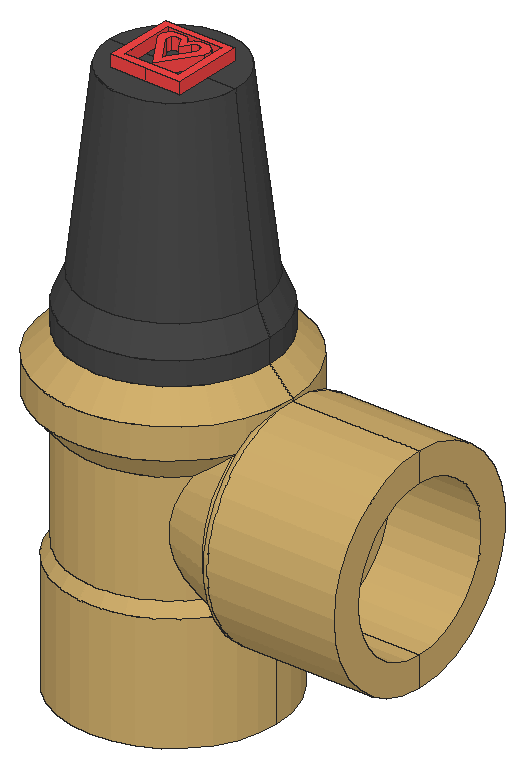
Revit family "Предохранительный клапан с диафрагмой 26xx", category Rohrzubehör, Revit 2018
Family settings
  Bemaßung runder Anschluss = Durchmesser verwenden
  Teiletyp = Normal
  OmniClass-Nummer = 23.65.55.14
  OmniClass-Titel = Valves for Liquid Services
  Arbeitsebenenbasiert = Nein
  Immer vertikal = Ja
  Beim Laden mit Abzugskörper schneiden = Nein
  Gemeinsam genutzt = Nein
Parameters (values of type "PN8")
  Номер заказа [instance] = if(PN1.8, size_lookup("26XX_PN1.8", "Artnr", 0, Nennweite), if(PN2.5, size_lookup("26XX_PN2.5", "Artnr", 0, Nennweite), if(PN3, size_lookup("26XX_PN3", "Artnr", 0, Nennweite), if(PN4, size_lookup("26XX_PN4", "Artnr", 0, Nennweite), if(PN5, size_lookup("26XX_PN5", "Artnr", 0, Nennweite), if(PN6, size_lookup("26XX_PN6", "Artnr", 0, Nennweite), if(PN8, size_lookup("26XX_PN8", "Artnr", 0, Nennweite), size_lookup("26XX_PN10", "Artnr", 0, Nennweite))))))))  # 1268501
  Мин. рабочая температура = 0 °C  # constant formula
  Макс. рабочая температура = 110 °C  # constant formula
  Внутренняя резьба = "в соответствии с ISO 228-1"  # constant formula
  WS01 = 70.00°  # constant formula
  URL = "www.herz-armaturen.ru"
  Табличка = "пластик PA6"  # constant formula
  SCRNSEQ = "AWI;AWI_TYP=\"1015\";2"
  SCRNCODE = "05;21;02"  # constant formula
  S03 = 10.5000 mm  # constant formula
  S02 [instance] = H02 + H05  # 47.5000 mm
  S01 = 8.0000 mm  # constant formula
  R11 = 1.0000 mm  # constant formula
  R10 [instance] = (Nennweite Aus / 2) + 3.8000 mm  # 13.8000 mm
  R09 [instance] = Nennweite Aus / 2  # 10.0000 mm
  R08 [instance] = (Nennweite / 2) + 3.5000 mm  # 11.0000 mm
  R07 [instance] = R08 - 2.8000 mm  # 8.2000 mm
  R06 [instance] = Nennweite / 2  # 7.5000 mm
  R05 [instance] = Nennweite / 2  # 7.5000 mm
  R04 [instance] = if(PN1.8, size_lookup("26XX_PN1.8", "SW", 40.0000 mm, Nennweite), if(PN2.5, size_lookup("26XX_PN2.5", "SW", 40.0000 mm, Nennweite), if(PN3, size_lookup("26XX_PN3", "SW", 40.0000 mm, Nennweite), if(PN4, size_lookup("26XX_PN4", "SW", 40.0000 mm, Nennweite), if(PN5, size_lookup("26XX_PN5", "SW", 40.0000 mm, Nennweite), if(PN6, size_lookup("26XX_PN6", "SW", 40.0000 mm, Nennweite), if(PN8, size_lookup("26XX_PN8", "SW", 40.0000 mm, Nennweite), size_lookup("26XX_PN10", "SW", 269501.0000 mm, Nennweite))))))))  # 13.5000 mm
  R03 [instance] = (Nennweite / 2) + 5.0000 mm  # 12.5000 mm
  R02 [instance] = R04 + 2.0000 mm  # 15.5000 mm
  PN8 = yes
  PN6 = no
  PN5 = no
  PN4 = no
  PN3 = no
  PN2.5 = no
  PN10 = no
  PN1.8 = no
  Nennweite Aus [instance] = if(PN1.8, size_lookup("26XX_PN1.8", "DN1", 40.0000 mm, Nennweite), if(PN2.5, size_lookup("26XX_PN2.5", "DN1", 40.0000 mm, Nennweite), if(PN3, size_lookup("26XX_PN3", "DN1", 40.0000 mm, Nennweite), if(PN4, size_lookup("26XX_PN4", "DN1", 40.0000 mm, Nennweite), if(PN5, size_lookup("26XX_PN5", "DN1", 40.0000 mm, Nennweite), if(PN6, size_lookup("26XX_PN6", "DN1", 40.0000 mm, Nennweite), if(PN8, size_lookup("26XX_PN8", "DN1", 40.0000 mm, Nennweite), size_lookup("26XX_PN10", "DN1", 269501.0000 mm, Nennweite))))))))  # 20.0000 mm
  Nennweite [instance] = 15.0000 mm
  Диафрагма = "VMQ-Silicom 50 Sha"  # constant formula
  L02 [instance] = if(PN1.8, size_lookup("26XX_PN1.8", "L2", 17.5000 mm, Nennweite), if(PN2.5, size_lookup("26XX_PN2.5", "L2", 17.5000 mm, Nennweite), if(PN3, size_lookup("26XX_PN3", "L2", 17.5000 mm, Nennweite), if(PN4, size_lookup("26XX_PN4", "L2", 17.5000 mm, Nennweite), if(PN5, size_lookup("26XX_PN5", "L2", 17.5000 mm, Nennweite), if(PN6, size_lookup("26XX_PN6", "L2", 17.5000 mm, Nennweite), if(PN8, size_lookup("26XX_PN8", "L2", 17.5000 mm, Nennweite), size_lookup("26XX_PN10", "L2", 269501.0000 mm, Nennweite))))))))  # 17.5000 mm
  L01 [instance] = if(PN1.8, size_lookup("26XX_PN1.8", "L1", 12.0000 mm, Nennweite), if(PN2.5, size_lookup("26XX_PN2.5", "L1", 12.0000 mm, Nennweite), if(PN3, size_lookup("26XX_PN3", "L1", 12.0000 mm, Nennweite), if(PN4, size_lookup("26XX_PN4", "L1", 12.0000 mm, Nennweite), if(PN5, size_lookup("26XX_PN5", "L1", 12.0000 mm, Nennweite), if(PN6, size_lookup("26XX_PN6", "L1", 12.0000 mm, Nennweite), if(PN8, size_lookup("26XX_PN8", "L1", 12.0000 mm, Nennweite), size_lookup("26XX_PN10", "L1", 269501.0000 mm, Nennweite))))))))  # 12.0000 mm
  L00 [instance] = if(PN1.8, size_lookup("26XX_PN1.8", "L", 52.0000 mm, Nennweite), if(PN2.5, size_lookup("26XX_PN2.5", "L", 52.0000 mm, Nennweite), if(PN3, size_lookup("26XX_PN3", "L", 52.0000 mm, Nennweite), if(PN4, size_lookup("26XX_PN4", "L", 52.0000 mm, Nennweite), if(PN5, size_lookup("26XX_PN5", "L", 52.0000 mm, Nennweite), if(PN6, size_lookup("26XX_PN6", "L", 52.0000 mm, Nennweite), if(PN8, size_lookup("26XX_PN8", "L", 52.0000 mm, Nennweite), size_lookup("26XX_PN10", "L", 269501.0000 mm, Nennweite))))))))  # 32.0000 mm
  Маховик = "пластик PA6"  # constant formula
  Kappe [instance] = Kunststoff schwarz
  H08 [instance] = if(PN1.8, size_lookup("26XX_PN1.8", "H8", 21.0000 mm, Nennweite), if(PN2.5, size_lookup("26XX_PN2.5", "H8", 21.0000 mm, Nennweite), if(PN3, size_lookup("26XX_PN3", "H8", 21.0000 mm, Nennweite), if(PN4, size_lookup("26XX_PN4", "H8", 21.0000 mm, Nennweite), if(PN5, size_lookup("26XX_PN5", "H8", 21.0000 mm, Nennweite), if(PN6, size_lookup("26XX_PN6", "H8", 21.0000 mm, Nennweite), if(PN8, size_lookup("26XX_PN8", "H8", 21.0000 mm, Nennweite), size_lookup("26XX_PN10", "H8", 269501.0000 mm, Nennweite))))))))  # 6.5000 mm
  H07 [instance] = if(PN1.8, size_lookup("26XX_PN1.8", "H7", 3.0000 mm, Nennweite), if(PN2.5, size_lookup("26XX_PN2.5", "H7", 3.0000 mm, Nennweite), if(PN3, size_lookup("26XX_PN3", "H7", 3.0000 mm, Nennweite), if(PN4, size_lookup("26XX_PN4", "H7", 3.0000 mm, Nennweite), if(PN5, size_lookup("26XX_PN5", "H7", 3.0000 mm, Nennweite), if(PN6, size_lookup("26XX_PN6", "H7", 3.0000 mm, Nennweite), if(PN8, size_lookup("26XX_PN8", "H7", 3.0000 mm, Nennweite), size_lookup("26XX_PN10", "H7", 269501.0000 mm, Nennweite))))))))  # 3.0000 mm
  H06 [instance] = if(PN1.8, size_lookup("26XX_PN1.8", "H6", 15.0000 mm, Nennweite), if(PN2.5, size_lookup("26XX_PN2.5", "H6", 15.0000 mm, Nennweite), if(PN3, size_lookup("26XX_PN3", "H6", 15.0000 mm, Nennweite), if(PN4, size_lookup("26XX_PN4", "H6", 15.0000 mm, Nennweite), if(PN5, size_lookup("26XX_PN5", "H6", 15.0000 mm, Nennweite), if(PN6, size_lookup("26XX_PN6", "H6", 15.0000 mm, Nennweite), if(PN8, size_lookup("26XX_PN8", "H6", 15.0000 mm, Nennweite), size_lookup("26XX_PN10", "H6", 269501.0000 mm, Nennweite))))))))  # 15.0000 mm
  H05 [instance] = if(PN1.8, size_lookup("26XX_PN1.8", "H5", 30.0000 mm, Nennweite), if(PN2.5, size_lookup("26XX_PN2.5", "H5", 30.0000 mm, Nennweite), if(PN3, size_lookup("26XX_PN3", "H5", 30.0000 mm, Nennweite), if(PN4, size_lookup("26XX_PN4", "H5", 30.0000 mm, Nennweite), if(PN5, size_lookup("26XX_PN5", "H5", 30.0000 mm, Nennweite), if(PN6, size_lookup("26XX_PN6", "H5", 30.0000 mm, Nennweite), if(PN8, size_lookup("26XX_PN8", "H5", 30.0000 mm, Nennweite), size_lookup("26XX_PN10", "H5", 269501.0000 mm, Nennweite))))))))  # 30.5000 mm
  H04 [instance] = if(PN1.8, size_lookup("26XX_PN1.8", "H4", 12.0000 mm, Nennweite), if(PN2.5, size_lookup("26XX_PN2.5", "H4", 12.0000 mm, Nennweite), if(PN3, size_lookup("26XX_PN3", "H4", 12.0000 mm, Nennweite), if(PN4, size_lookup("26XX_PN4", "H4", 12.0000 mm, Nennweite), if(PN5, size_lookup("26XX_PN5", "H4", 12.0000 mm, Nennweite), if(PN6, size_lookup("26XX_PN6", "H4", 12.0000 mm, Nennweite), if(PN8, size_lookup("26XX_PN8", "H4", 12.0000 mm, Nennweite), size_lookup("26XX_PN10", "H4", 269501.0000 mm, Nennweite))))))))  # 12.0000 mm
  H00 [instance] = if(PN1.8, size_lookup("26XX_PN1.8", "H", 72.0000 mm, Nennweite), if(PN2.5, size_lookup("26XX_PN2.5", "H", 72.0000 mm, Nennweite), if(PN3, size_lookup("26XX_PN3", "H", 72.0000 mm, Nennweite), if(PN4, size_lookup("26XX_PN4", "H", 72.0000 mm, Nennweite), if(PN5, size_lookup("26XX_PN5", "H", 72.0000 mm, Nennweite), if(PN6, size_lookup("26XX_PN6", "H", 72.0000 mm, Nennweite), if(PN8, size_lookup("26XX_PN8", "H", 72.0000 mm, Nennweite), size_lookup("26XX_PN10", "H", 269501.0000 mm, Nennweite))))))))  # 72.0000 mm
  H03 [instance] = if(PN1.8, size_lookup("26XX_PN1.8", "H3", 4.0000 mm, Nennweite), if(PN2.5, size_lookup("26XX_PN2.5", "H3", 4.0000 mm, Nennweite), if(PN3, size_lookup("26XX_PN3", "H3", 4.0000 mm, Nennweite), if(PN4, size_lookup("26XX_PN4", "H3", 4.0000 mm, Nennweite), if(PN5, size_lookup("26XX_PN5", "H3", 4.0000 mm, Nennweite), if(PN6, size_lookup("26XX_PN6", "H3", 4.0000 mm, Nennweite), if(PN8, size_lookup("26XX_PN8", "H3", 4.0000 mm, Nennweite), size_lookup("26XX_PN10", "H3", 269501.0000 mm, Nennweite))))))))  # 4.0000 mm
  H02 [instance] = H00 - (H01 + H05)  # 17.0000 mm
  H01 [instance] = if(PN1.8, size_lookup("26XX_PN1.8", "H1", 30.0000 mm, Nennweite), if(PN2.5, size_lookup("26XX_PN2.5", "H1", 30.0000 mm, Nennweite), if(PN3, size_lookup("26XX_PN3", "H1", 30.0000 mm, Nennweite), if(PN4, size_lookup("26XX_PN4", "H1", 30.0000 mm, Nennweite), if(PN5, size_lookup("26XX_PN5", "H1", 30.0000 mm, Nennweite), if(PN6, size_lookup("26XX_PN6", "H1", 30.0000 mm, Nennweite), if(PN8, size_lookup("26XX_PN8", "H1", 30.0000 mm, Nennweite), size_lookup("26XX_PN10", "H1", 269501.0000 mm, Nennweite))))))))  # 24.5000 mm
  Hersteller = "Herz-Armaturen GmbH"  # constant formula
  Gewicht [instance] = if(PN1.8, size_lookup("26XX_PN1.8", "Gewicht", 0.19, Nennweite), if(PN2.5, size_lookup("26XX_PN2.5", "Gewicht", 0.19, Nennweite), if(PN3, size_lookup("26XX_PN3", "Gewicht", 0.19, Nennweite), if(PN4, size_lookup("26XX_PN4", "Gewicht", 0.19, Nennweite), if(PN5, size_lookup("26XX_PN5", "Gewicht", 0.19, Nennweite), if(PN6, size_lookup("26XX_PN6", "Gewicht", 0.19, Nennweite), if(PN8, size_lookup("26XX_PN8", "Gewicht", 0.19, Nennweite), size_lookup("26XX_PN10", "Gewicht", 269501, Nennweite))))))))  # 0.118
  Корпус = "штампованная латунь в соответствии с EN 12165, CW617N"  # constant formula
  Пружина = "пружинная сталь W.Nr. 1.4310"  # constant formula
  DN32 [instance] = Nennweite = 32.0000 mm  # no
  DN25 [instance] = Nennweite = 25.0000 mm  # no
  DN20 [instance] = Nennweite = 20.0000 mm  # no
  DN15 [instance] = Nennweite = 15.0000 mm  # yes
  Область применения = "ГЕРЦ Предохранительный клапан с диафрагмой используется в качестве защитного элемента для котлов в закрытых системах отопления. Он защищает котел от повышенного давления. Открывающее давление равно номинальному давлению."
Types (9, lengths in mm): name | Номер заказа | S02 | R10 | R09 | R08 | R07 | R06 | R05 | R04 | R03 | R02 | PN8 | PN6 | PN5 | PN4 | PN3 | PN2.5 | PN10 | PN1.8 | Nennweite Aus | Nennweite | L00 | H08 | H05 | H00 | H02 | H01 | Gewicht | DN32 | DN25 | DN20 | DN15
  (no name) | 1268501 | 47.5000 | 13.8000 | 10.0000 | 11.0000 | 8.2000 | 7.5000 | 7.5000 | 13.5000 | 12.5000 | 15.5000 | yes | no | no | no | no | no | no | no | 20.0000 | 15.0000 | 32.0000 | 6.5000 | 30.5000 | 72.0000 | 17.0000 | 24.5000 | 0.118 | no | no | no | yes
  PN1.8 | 1261802 | 44.7500 | 16.3000 | 12.5000 | 13.5000 | 10.7000 | 10.0000 | 10.0000 | 16.0000 | 15.0000 | 18.0000 | no | no | no | no | no | no | no | yes | 25.0000 | 20.0000 | 35.0000 | 9.7500 | 25.0000 | 72.0000 | 19.7500 | 27.2500 | 0.19 | no | no | yes | no
  PN2.5 | 1261101 | 47.5000 | 13.8000 | 10.0000 | 11.0000 | 8.2000 | 7.5000 | 7.5000 | 13.5000 | 12.5000 | 15.5000 | no | no | no | no | no | yes | no | no | 20.0000 | 15.0000 | 32.0000 | 6.5000 | 30.5000 | 72.0000 | 17.0000 | 24.5000 | 0.118 | no | no | no | yes
  PN3 | 1261004 | 64.2500 | 23.8000 | 20.0000 | 19.5000 | 16.7000 | 16.0000 | 16.0000 | 25.0000 | 21.0000 | 27.0000 | no | no | no | no | yes | no | no | no | 40.0000 | 32.0000 | 52.0000 | 21.5000 | 32.7500 | 97.0000 | 31.5000 | 32.7500 | 0.728 | yes | no | no | no
  PN4 | 1261501 | 47.5000 | 13.8000 | 10.0000 | 11.0000 | 8.2000 | 7.5000 | 7.5000 | 13.5000 | 12.5000 | 15.5000 | no | no | no | yes | no | no | no | no | 20.0000 | 15.0000 | 32.0000 | 6.5000 | 30.5000 | 72.0000 | 17.0000 | 24.5000 | 0.118 | no | no | no | yes
  PN5 | 1265703 | 67.0000 | 19.8000 | 16.0000 | 16.0000 | 13.2000 | 12.5000 | 12.5000 | 20.5000 | 17.5000 | 22.5000 | no | no | yes | no | no | no | no | no | 32.0000 | 25.0000 | 50.0000 | 13.0000 | 44.0000 | 97.0000 | 23.0000 | 30.0000 | 0.54 | no | yes | no | no
  PN6 | 1261301 | 47.5000 | 13.8000 | 10.0000 | 11.0000 | 8.2000 | 7.5000 | 7.5000 | 13.5000 | 12.5000 | 15.5000 | no | yes | no | no | no | no | no | no | 20.0000 | 15.0000 | 32.0000 | 6.5000 | 30.5000 | 72.0000 | 17.0000 | 24.5000 | 0.118 | no | no | no | yes
  PN8 | 1268501 | 47.5000 | 13.8000 | 10.0000 | 11.0000 | 8.2000 | 7.5000 | 7.5000 | 13.5000 | 12.5000 | 15.5000 | yes | no | no | no | no | no | no | no | 20.0000 | 15.0000 | 32.0000 | 6.5000 | 30.5000 | 72.0000 | 17.0000 | 24.5000 | 0.118 | no | no | no | yes
  PN10 | 1269501 | 47.5000 | 13.8000 | 10.0000 | 11.0000 | 8.2000 | 7.5000 | 7.5000 | 13.5000 | 12.5000 | 15.5000 | no | no | no | no | no | no | yes | no | 20.0000 | 15.0000 | 32.0000 | 6.5000 | 30.5000 | 72.0000 | 17.0000 | 24.5000 | 0.118 | no | no | no | yes
Reference planes
  plane 1 "Mitte (Vorne/hinten)": y = 0
  plane 2: z = 0
  plane 3 "Mitte (Links/rechts)": x = 0
Forms (mm)
  Revolve 1, solid, material "Kunststoff schwarz" <- "Kappe", detail levels fine
    sketch origin (0, 0, 0) x (1, 0, 0) y (0, 0, 1)
      loop
        line (0, 47.5) -> (-8.2, 47.5) -> (-11, 23.493) -> (-12.5, 20) -> (-12.5, 17) -> (0, 17) -> (0, 47.5)
      axis (0, 47.5) -> (0, 17)
    angle from 0 to 360
  Revolve 2, solid, material "Messing", detail levels fine
    sketch origin (0, 0, 0) x (1, 0, 0) y (0, 0, 1)
      loop
        line (-15.5, 14) -> (-15.5, 10) -> (-12.5, 6.5) -> (-12.5, -7.886) -> (-13.5, -9.5) -> (-13.5, -24.5) -> (-7.5, -24.5) -> (-7.5, -12.5) -> (0, -12.5) -> (0, 17) -> (-12.5, 17) -> (-15.5, 14)
      axis (0, 17) -> (0, -24.5)
    angle from 0 to 360
  Revolve 3, solid, material "Messing", detail levels fine
    sketch origin (18.5, 0, 0) x (1, 0, 0) y (0, 0, 1)
      loop
        line (13.5, 10) -> (13.5, 13.8) -> (-3.06, 13.8)
        arc (-3.06, 13.8) -> (-3.634, 13.619) -> (-4, 13.142) r 1
        arc (-4, 13.142) -> (-4.293, 12.435) -> (-5, 12.142) r 1
        line (-5, 12.142) -> (-18.5, 7.5) -> (-18.5, 0) -> (1.5, 0) -> (1.5, 10) -> (13.5, 10)
      axis (-18.5, 0) -> (13.5, 0)
    angle from 0 to 360
Lines and regions (mm)
  model lines, detail levels coarse+medium
    curve 1: line (0.003, 0, -0.007) -> (0.003, 0, 47.5)
    curve 2: line (0.003, 0, -0.007) -> (-13.5, 0, -24.5)
    curve 3: line (-13.5, 0, -24.5) -> (13.5, 0, -24.5)
    curve 4: line (13.5, 0, -24.5) -> (0.003, 0, -0.007)
    curve 5: line (0.003, 0, -0.007) -> (32, 0, -13.8)
    curve 6: line (32, 0, -13.8) -> (32, 0, 13.8)
    curve 7: line (32, 0, 13.8) -> (0.003, 0, -0.007)
    curve 8: line (-10.5, 0, 48.643) -> (10.5, 0, 41)
    curve 9: line (-10.5, 0, 40.643) -> (10.5, 0, 33)
    curve 10: line (-10.5, 0, 32.643) -> (10.5, 0, 25)
    curve 11: line (-10.5, 0, 24.643) -> (10.5, 0, 17)
    curve 12: line (0, 0, 0) -> (32, 13.8, 0)
    curve 13: line (32, 13.8, 0) -> (32, -13.8, 0)
    curve 14: line (32, -13.8, 0) -> (0, 0, 0)
    curve 15: line (0, 0, 0) -> (-13.5, -24.5, 0)
    curve 16: line (-13.5, -24.5, 0) -> (13.5, -24.5, 0)
    curve 17: line (13.5, -24.5, 0) -> (0, 0, 0)
    curve 18: line (0, 0, 0) -> (0, 47.5, 0)
    curve 19: line (-10.5, 48.643, 0) -> (10.5, 41, 0)
    curve 20: line (-10.5, 40.643, 0) -> (10.5, 33, 0)
    curve 21: line (-10.5, 32.643, 0) -> (10.5, 25, 0)
    curve 22: line (-10.5, 24.643, 0) -> (10.5, 17, 0)
Dimensions and locks
  "R03": Revolve 2 sketch curve to Revolve 2 sketch curve  (x2)
  "R02": Revolve 2 sketch curve to Revolve 2 sketch curve
  "R04": Revolve 2 sketch curve to Revolve 2 sketch curve
  "R05": Revolve 2 sketch curve to Revolve 2 sketch curve
  "H01": level to Revolve 2 sketch curve
  "H02": Revolve 2 sketch curve to level
  "R03": Revolve 1 sketch curve to Revolve 1 sketch curve
  "R07": Revolve 1 sketch curve to Revolve 1 sketch curve
  "R08": Revolve 1 sketch curve to Revolve 1 sketch curve
  "R06": Revolve 3 sketch curve to Revolve 3 sketch curve
  "R09": Revolve 3 sketch curve to Revolve 3 sketch curve
  "R10": Revolve 3 sketch curve to Revolve 3 sketch curve
  "L00": Revolve 3 sketch curve to Revolve 3 sketch curve
  "H05": Revolve 1 sketch curve to Revolve 1 sketch curve
  "L01": Revolve 3 sketch curve to Revolve 3 sketch curve
  "H04": Revolve 2 sketch curve to Revolve 2 sketch curve
  "L02": Revolve 3 sketch curve to Revolve 3 sketch curve
  "H06": Revolve 2 sketch curve to Revolve 2 sketch curve
  "H02": Revolve 1 sketch curve to plane 2
  "H00": Revolve 1 to Revolve 2
  "H07": Revolve 2 sketch curve to Revolve 2 sketch curve
  "H07": Revolve 1 sketch curve to Revolve 1 sketch curve
  "H08": Revolve 2 sketch curve to plane 2
  "S02": curve 1 to plane 2
  "H01": plane 2 to curve 3
  "R04": curve 4 to plane 3 "Mitte (Links/rechts)" to curve 3
  "L00": curve 6 to plane 3 "Mitte (Links/rechts)"
  "R10": curve 7 to plane 2 to curve 6
  "S03": curve 8 to plane 3 "Mitte (Links/rechts)" to curve 8
  "S01": curve 8 to curve 9
  "S01": curve 9 to curve 10
  "S01": curve 10 to curve 11
  "H02": curve 11 to plane 2
  "L00": plane 3 "Mitte (Links/rechts)" to curve 13
  "R10": curve 14 to plane 1 "Mitte (Vorne/hinten)" to curve 13
  "H01": curve 16 to plane 1 "Mitte (Vorne/hinten)"
  "R04": curve 16 to plane 3 "Mitte (Links/rechts)" to curve 17
  "S02": plane 1 "Mitte (Vorne/hinten)" to curve 18
  "S03": curve 19 to plane 3 "Mitte (Links/rechts)" to curve 19
  "S01": curve 19 to curve 20
  "S01": curve 20 to curve 21
  "S01": curve 21 to curve 22
  "H02": plane 1 "Mitte (Vorne/hinten)" to curve 22
  "S02": nested 1 to plane 2
  "R11": radius of Revolve 3 sketch curve  (x2)
  "WS01": angle plane 3 "Mitte (Links/rechts)" to curve 8
  "WS01": angle plane 3 "Mitte (Links/rechts)" to curve 9
  "WS01": angle plane 3 "Mitte (Links/rechts)" to curve 10
  "WS01": angle plane 3 "Mitte (Links/rechts)" to curve 11
  "WS01": angle plane 3 "Mitte (Links/rechts)" to curve 19
  "WS01": angle plane 3 "Mitte (Links/rechts)" to curve 20
  "WS01": angle plane 3 "Mitte (Links/rechts)" to curve 21
  "WS01": angle plane 3 "Mitte (Links/rechts)" to curve 22
  aligned and locked: level to plane 2
Automatic sketch dimensions
  plane 3 "Mitte (Links/rechts)" to curve 4 = 0.0034 mm
  curve 4 to level = 0.0072 mm
  curve 11 to plane 3 "Mitte (Links/rechts)" = 10.5000 mm
  curve 10 to curve 11 = 0.0000 mm
  curve 9 to curve 10 = 0.0000 mm
  plane 1 "Mitte (Vorne/hinten)" to curve 14 = 0.0000 mm
  curve 14 to plane 3 "Mitte (Links/rechts)" = 0.0000 mm
  curve 20 to curve 19 = 0.0000 mm
  curve 21 to curve 20 = 0.0000 mm
  curve 22 to curve 21 = 0.0000 mm
  Revolve 1 sketch curve to plane 3 "Mitte (Links/rechts)" = 0.0000 mm  (x2)
  Revolve 1 sketch curve to Revolve 1 sketch curve = 3.4935 mm
  Revolve 1 sketch curve to level = 366.0447 mm
  Revolve 1 sketch curve to Revolve 1 sketch curve = 0.0000 mm
  Revolve 2 sketch curve to plane 3 "Mitte (Links/rechts)" = 0.0000 mm  (x2)
  Revolve 2 sketch curve to Revolve 2 sketch curve = 1.6143 mm
  Revolve 2 sketch curve to Revolve 2 sketch curve = 4.0000 mm
  Revolve 2 sketch curve to Revolve 2 sketch curve = 336.0447 mm
  Revolve 2 sketch curve to Revolve 2 sketch curve = 2186.6924 mm
  Revolve 3 sketch curve to level = 0.0000 mm  (x2)
  Revolve 3 sketch curve to plane 3 "Mitte (Links/rechts)" = 0.0000 mm
  Revolve 3 sketch curve to Revolve 3 sketch curve = 0.9397 mm
  Revolve 3 sketch curve to Revolve 3 sketch curve = 1333.4903 mm
  Revolve 3 sketch curve to Revolve 3 sketch curve = 1867.4827 mm
Nested families
  nested 1: "Herz-Logo" at (0, 0, 47.5), type "Herz-Logo"
Connectors
  piping at (20, 0, 0), diameter 20, driven by "Nennweite Aus"
    settings: on Revolve 3, index 1, connector inside diameter 609.6 mm, connector length 0.0000 mm, flow factor 0, pipe flow 0.0 L/s, pressure drop 0.0 Pa, fitting loss kfactor 0, connector angle 0.00°, fixture units 0, engagement length 0.0000 mm, angle of deflection 0.00°, flow configuration 0, flow direction 2, fitting loss method 0, system type 29, joint type 0, gender type 0, connector reference index -1, connector utility 0, adjustable connector no, is connector primary yes, connector description ""
  piping at (0, 0, -12.5), diameter 15, driven by "Nennweite"
    settings: on Revolve 2, index 2, connector inside diameter 609.6 mm, connector length 0.0000 mm, flow factor 0, pipe flow 0.0 L/s, pressure drop 0.0 Pa, fitting loss kfactor 0, connector angle 0.00°, fixture units 0, engagement length 0.0000 mm, angle of deflection 0.00°, flow configuration 0, flow direction 1, fitting loss method 0, system type 29, joint type 0, gender type 0, connector reference index -1, connector utility 0, adjustable connector no, is connector primary no, connector description ""
Definition of nested family "Herz-Logo"
  Reference planes
    plane 1 "Mitte (Vorne/hinten)": y = 0
    plane 2: z = 0
    plane 3 "Mitte (Links/rechts)": x = 0
  Forms (mm)
    Extrusion 1, solid
      sketch origin (0, 0, 0) x (1, 0, 0) y (0, 1, 0)
        loop
          line (-0.018, -4.517) -> (4.482, -4.517) -> (4.482, 4.483) -> (-4.518, 4.483) -> (-4.518, -4.517) -> (-0.018, -4.517)
        loop
          line (-0.05, -3.48) -> (3.482, -3.48) -> (3.482, 3.483) -> (-3.518, 3.483) -> (-3.518, -3.48) -> (-0.05, -3.48)
        loop
          arc (-0.018, 2.383) -> (-1.543, 3.287) -> (-3.067, 2.383) r 1.738
          arc (-3.067, 2.383) -> (-3.191, 1.899) -> (-3.067, 1.415) r 1.009
          line (-3.067, 1.415) -> (-0.018, -3.281) -> (3.032, 1.415)
          arc (3.032, 1.415) -> (3.156, 1.899) -> (3.032, 2.383) r 1.009
          arc (3.032, 2.383) -> (1.507, 3.287) -> (-0.018, 2.383) r 1.738
        loop
          arc (1.885, 1.272) -> (2.005, 1.675) -> (1.885, 2.079) r 0.74
          arc (1.885, 2.079) -> (1.265, 2.416) -> (0.644, 2.079) r 0.74
          line (0.644, 2.079) -> (-0.018, 0.97) -> (-0.679, 2.079)
          arc (-0.679, 2.079) -> (-1.3, 2.416) -> (-1.921, 2.079) r 0.74
          arc (-1.921, 2.079) -> (-2.04, 1.675) -> (-1.921, 1.272) r 0.74
          line (-1.921, 1.272) -> (-0.018, -1.658) -> (1.885, 1.272)
      from 0 to 1.5
  Dimensions and locks
    aligned and locked: level to plane 2
